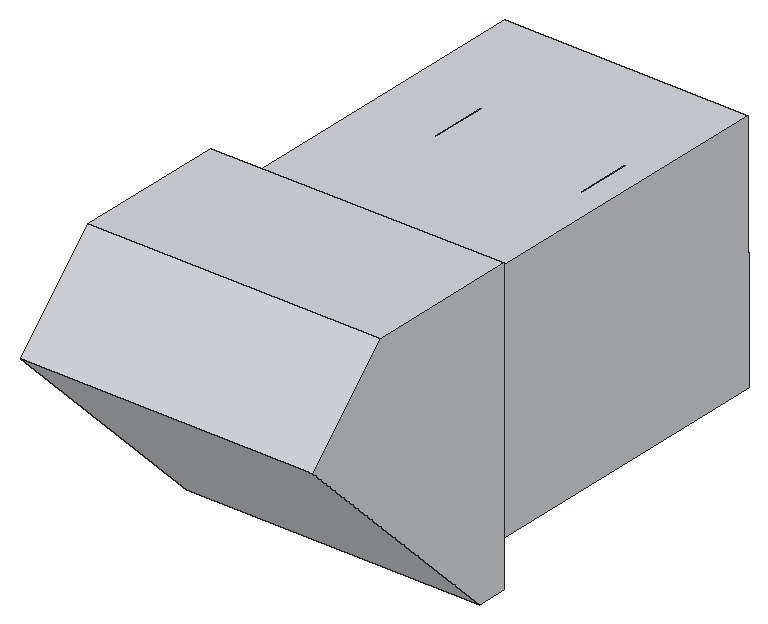
Revit family "XLPH", category Mechanical Equipment, Revit 2019
Family settings
  Round Connector Dimension = Use Diameter
  Part Type = Normal
  Work Plane-Based = No
  Always vertical = Yes
  Cut with Voids When Loaded = No
  Shared = No
  Room Calculation Point = No
Parameters (values of type "20_XLPH")
  WO_PAC = B_PAC + 0' 0 1/4"  # 2' - 1 1/4"
  WH_C = WH_B + 0' 3"  # 2' - 9"
  WH_B/2 = WH_B / 2  # 1' - 3"
  WH_B = 2' - 6"
  WH_A = 2' - 0 3/8"
  WEATHER_HOOD [instance] = yes
  Unit Weight [instance] = ""
  Sones [instance] = ""
  SIZE/2 = SIZE / 2  # 0' - 11 15/16"
  SIZE = D - 0' 0 1/8"  # 1' - 11 7/8"
  Motor RPM [instance] = ""
  Motor Enclosure [instance] = ""
  ModelID [instance] = ""
  MOTOR = D / 10  # 0' - 2.4"
  LwA [instance] = ""
  Fan RPM [instance] = ""
  D_PAC/2 = D_PAC / 2 - 0' 4"  # 1' - 1 3/16"
  D_PAC = 2' - 10 3/8"
  D/2 = D / 2  # 1' - 0"
  D = 2' - 0"
  E/2 = E / 2  # 0' - 1"
  E = 0' - 2"
  C_PAC/2 = C_PAC / 2  # 0' - 11"
  C_PAC = 1' - 10"
  C/2 = C / 2  # 0' - 2 5/8"
  C = 0' - 5 1/4"
  B_PAC/2 = B_PAC / 2  # 1' - 0 1/2"
  B_PAC = 2' - 1"
  B/4 = B / 4  # 0' - 4 49/64"
  B/2 = B / 2  # 0' - 9 17/32"
  B = 1' - 7 1/16"
  Accessories [instance] = ""
  A_PAC/2 = A_PAC / 2  # 1' - 1 3/4"
  A_PAC = 2' - 3 1/2"
  A/7 = A / 7  # 0' - 3.45536"
  A/3.5 = A / 3.5  # 0' - 6.91071"
  A/2 = A / 2  # 1' - 0 3/32"
  A = 2' - 0 3/16"
  90 = 90.00°  # constant formula
  9" = 0' - 9"  # constant formula
  4'6" = 4' - 6"  # constant formula
  3" = 0' - 3"  # constant formula
  Brake Hp [instance] = ""
  4" = 0' - 4"  # constant formula
  2' = 2' - 0"
  2" = 0' - 2"  # constant formula
  135 = 135.00°  # constant formula
  1" = 0' - 1"  # constant formula
  0 = 0' - 0"  # constant formula
  Voltage [instance] = 0 V
  URL = "www.lorencook.com"
  Type Comments = "Heavy Duty Low-Pressure Wall-Pac Exhaust Fan Steel Propeller Belt Drive"  # constant formula
  Static Pressure [instance] = 0.00 in-wg
  Power [instance] = Voltage * Motor FLA * sqrt(if(Phase = 3, 3, 1))  # 0 VA
  Phase [instance] = 0
  Number of Poles [instance] = 1
  Motor Hp [instance] = "0"
  Motor FLA [instance] = 0 A
  Model = "XLPH"  # constant formula
  Manufacturer = "Loren Cook Company"
  CFM [instance] = 0 CFM
  1.5 = 0' - 1 1/2"  # constant formula
  1/2 = 0' - 0 1/2"  # constant formula
  ONE EIGTH = 0' - 0 1/8"  # constant formula
  -WH_B/2 = -WH_B / 2  # -1' - 3"
  -D_PAC/2 = -D_PAC / 2 - 0' 4"  # -1' - 9 3/16"
  -D = -E  # -0' - 2"
  -C/2 = -C / 2  # -0' - 2 5/8"
  -B+1" = -B + 0' 2"  # -1' - 5 1/16"
  -B = -B  # -1' - 7 1/16"
  -((SIZE/2)-.25") = -((SIZE / 2) - 0' 0 1/4")  # -0' - 11 11/16"
  -((A/2)-C-.5") = -((A / 2) - C - 0' 0 1/2")  # -0' - 6 11/32"
  (SIZE/2)-.25" = (SIZE / 2) - 0' 0 1/4"  # 0' - 11 11/16"
  (D_SUP/2)-(C/2)-.125" = (D / 2) - (C / 2) - 0' 0 1/8"  # 0' - 9 1/4"
  (A/2)-C-.5" = (A / 2) - C - 0' 0 1/2"  # 0' - 6 11/32"
  (A/2)-1" = (A / 2) - 0' 0 1/4"  # 0' - 11 27/32"
Types (9): name | WO_PAC | WH_C | WH_B/2 | WH_B | WH_A | SIZE/2 | SIZE | MOTOR | D_PAC/2 | D_PAC | D/2 | D | E/2 | E | C_PAC/2 | C_PAC | C/2 | C | B_PAC/2 | B_PAC | B/4 | B/2 | B | A_PAC/2 | A_PAC | A/7 | A/3.5 | A/2 | A | -WH_B/2 | -D_PAC/2 | -D | -C/2 | -B+1" | -B | -((SIZE/2)-.25") | -((A/2)-C-.5") | (SIZE/2)-.25" | (D_SUP/2)-(C/2)-.125" | (A/2)-C-.5" | (A/2)-1"
  (no name) | 2' - 1 1/4" | 2' - 9" | 1' - 3" | 2' - 6" | 2' - 0 3/8" | 0' - 11 15/16" | 1' - 11 7/8" | 0' - 2.4" | 1' - 1 3/16" | 2' - 10 3/8" | 1' - 0" | 2' - 0" | 0' - 1" | 0' - 2" | 0' - 11" | 1' - 10" | 0' - 2 5/8" | 0' - 5 1/4" | 1' - 0 1/2" | 2' - 1" | 0' - 4 49/64" | 0' - 9 17/32" | 1' - 7 1/16" | 1' - 1 3/4" | 2' - 3 1/2" | 0' - 3.45536" | 0' - 6.91071" | 1' - 0 3/32" | 2' - 0 3/16" | -1' - 3" | -1' - 9 3/16" | -0' - 2" | -0' - 2 5/8" | -1' - 5 1/16" | -1' - 7 1/16" | -0' - 11 11/16" | -0' - 6 11/32" | 0' - 11 11/16" | 0' - 9 1/4" | 0' - 6 11/32" | 0' - 11 27/32"
  24_XLPH | 2' - 7 1/4" | 3' - 1" | 1' - 5" | 2' - 10" | 2' - 3 1/8" | 1' - 2 15/16" | 2' - 5 7/8" | 0' - 3" | 1' - 1 3/16" | 2' - 10 3/8" | 1' - 3" | 2' - 6" | 0' - 1 1/2" | 0' - 3" | 1' - 1 3/4" | 2' - 3 1/2" | 0' - 3 3/8" | 0' - 6 3/4" | 1' - 3 1/2" | 2' - 7" | 0' - 4 49/64" | 0' - 9 17/32" | 1' - 7 1/16" | 1' - 4 3/4" | 2' - 9 1/2" | 0' - 4 5/16" | 0' - 8 5/8" | 1' - 3 3/32" | 2' - 6 3/16" | -1' - 5" | -1' - 9 3/16" | -0' - 3" | -0' - 3 3/8" | -1' - 5 1/16" | -1' - 7 1/16" | -1' - 2 11/16" | -0' - 7 27/32" | 1' - 2 11/16" | 0' - 11 1/2" | 0' - 7 27/32" | 1' - 2 27/32"
  30_XLPH | 3' - 1 1/4" | 3' - 7" | 1' - 8" | 3' - 4" | 2' - 7 7/16" | 1' - 5 15/16" | 2' - 11 7/8" | 0' - 3.6" | 1' - 3" | 3' - 2" | 1' - 6" | 3' - 0" | 0' - 1 1/2" | 0' - 3" | 1' - 4 3/4" | 2' - 9 1/2" | 0' - 3 3/8" | 0' - 6 3/4" | 1' - 6 1/2" | 3' - 1" | 0' - 4 49/64" | 0' - 9 17/32" | 1' - 7 1/16" | 1' - 7 3/4" | 3' - 3 1/2" | 0' - 5.16964" | 0' - 10.33929" | 1' - 6 3/32" | 3' - 0 3/16" | -1' - 8" | -1' - 11" | -0' - 3" | -0' - 3 3/8" | -1' - 5 1/16" | -1' - 7 1/16" | -1' - 5 11/16" | -0' - 10 27/32" | 1' - 5 11/16" | 1' - 2 1/2" | 0' - 10 27/32" | 1' - 5 27/32"
  36_XLPH | 3' - 7 1/4" | 4' - 1" | 1' - 11" | 3' - 10" | 2' - 11 11/16" | 1' - 8 15/16" | 3' - 5 7/8" | 0' - 4.2" | 1' - 3 3/4" | 3' - 3 1/2" | 1' - 9" | 3' - 6" | 0' - 1 1/2" | 0' - 3" | 1' - 7 3/4" | 3' - 3 1/2" | 0' - 3 11/16" | 0' - 7 3/8" | 1' - 9 1/2" | 3' - 7" | 0' - 4 49/64" | 0' - 9 17/32" | 1' - 7 1/16" | 1' - 10 3/4" | 3' - 9 1/2" | 0' - 6.02679" | 1' - 0.05357" | 1' - 9 3/32" | 3' - 6 3/16" | -1' - 11" | -1' - 11 3/4" | -0' - 3" | -0' - 3 11/16" | -1' - 5 1/16" | -1' - 7 1/16" | -1' - 8 11/16" | -1' - 1 7/32" | 1' - 8 11/16" | 1' - 5 3/16" | 1' - 1 7/32" | 1' - 8 27/32"
  42_XLPH | 4' - 1 5/16" | 4' - 7" | 2' - 2" | 4' - 4" | 3' - 3 15/16" | 1' - 11 15/16" | 3' - 11 7/8" | 0' - 4.8" | 1' - 4 1/2" | 3' - 5" | 2' - 0" | 4' - 0" | 0' - 1 1/2" | 0' - 3" | 1' - 10 3/4" | 3' - 9 1/2" | 0' - 3 25/32" | 0' - 7 9/16" | 2' - 0 17/32" | 4' - 1 1/16" | 0' - 5 11/64" | 0' - 10 11/32" | 1' - 8 11/16" | 2' - 1 3/4" | 4' - 3 1/2" | 0' - 6.88393" | 1' - 1.76786" | 2' - 0 3/32" | 4' - 0 3/16" | -2' - 2" | -2' - 0 1/2" | -0' - 3" | -0' - 3 25/32" | -1' - 6 11/16" | -1' - 8 11/16" | -1' - 11 11/16" | -1' - 4 1/32" | 1' - 11 11/16" | 1' - 8 3/32" | 1' - 4 1/32" | 1' - 11 27/32"
  48_XLPH | 4' - 7 5/16" | 5' - 1" | 2' - 5" | 4' - 10" | 3' - 8 3/16" | 2' - 2 15/16" | 4' - 5 7/8" | 0' - 5.4" | 1' - 9 1/2" | 4' - 3" | 2' - 3" | 4' - 6" | 0' - 1 1/2" | 0' - 3" | 2' - 1 3/4" | 4' - 3 1/2" | 0' - 3 15/16" | 0' - 7 7/8" | 2' - 3 17/32" | 4' - 7 1/16" | 0' - 6 37/64" | 1' - 1 5/32" | 2' - 2 5/16" | 2' - 4 3/4" | 4' - 9 1/2" | 0' - 7.74107" | 1' - 3.48214" | 2' - 3 3/32" | 4' - 6 3/16" | -2' - 5" | -2' - 5 1/2" | -0' - 3" | -0' - 3 15/16" | -2' - 0 5/16" | -2' - 2 5/16" | -2' - 2 11/16" | -1' - 6 23/32" | 2' - 2 11/16" | 1' - 10 15/16" | 1' - 6 23/32" | 2' - 2 27/32"
  54_XLPH | 5' - 1 3/8" | 5' - 7" | 2' - 8" | 5' - 4" | 4' - 0 7/16" | 2' - 5 15/16" | 4' - 11 7/8" | 0' - 6" | 1' - 8" | 4' - 0" | 2' - 6" | 5' - 0" | 0' - 1 1/2" | 0' - 3" | 2' - 4 3/4" | 4' - 9 1/2" | 0' - 3 7/8" | 0' - 7 3/4" | 2' - 6 9/16" | 5' - 1 1/8" | 0' - 6 37/64" | 1' - 1 5/32" | 2' - 2 5/16" | 2' - 7 3/4" | 5' - 3 1/2" | 0' - 8.59821" | 1' - 5.19643" | 2' - 6 3/32" | 5' - 0 3/16" | -2' - 8" | -2' - 4" | -0' - 3" | -0' - 3 7/8" | -2' - 0 5/16" | -2' - 2 5/16" | -2' - 5 11/16" | -1' - 9 27/32" | 2' - 5 11/16" | 2' - 2" | 1' - 9 27/32" | 2' - 5 27/32"
  60_XLPH | 5' - 7 3/8" | 6' - 1" | 2' - 11" | 5' - 10" | 4' - 4 5/8" | 2' - 8 15/16" | 5' - 5 7/8" | 0' - 6.6" | 1' - 8" | 4' - 0" | 2' - 9" | 5' - 6" | 0' - 1 1/2" | 0' - 3" | 2' - 7 3/4" | 5' - 3 1/2" | 0' - 3 15/16" | 0' - 7 7/8" | 2' - 9 9/16" | 5' - 7 1/8" | 0' - 6 37/64" | 1' - 1 5/32" | 2' - 2 5/16" | 2' - 10 3/4" | 5' - 9 1/2" | 0' - 9.45536" | 1' - 6.91071" | 2' - 9 3/32" | 5' - 6 3/16" | -2' - 11" | -2' - 4" | -0' - 3" | -0' - 3 15/16" | -2' - 0 5/16" | -2' - 2 5/16" | -2' - 8 11/16" | -2' - 0 23/32" | 2' - 8 11/16" | 2' - 4 15/16" | 2' - 0 23/32" | 2' - 8 27/32"
  20_XLPH | 2' - 1 1/4" | 2' - 9" | 1' - 3" | 2' - 6" | 2' - 0 3/8" | 0' - 11 15/16" | 1' - 11 7/8" | 0' - 2.4" | 1' - 1 3/16" | 2' - 10 3/8" | 1' - 0" | 2' - 0" | 0' - 1" | 0' - 2" | 0' - 11" | 1' - 10" | 0' - 2 5/8" | 0' - 5 1/4" | 1' - 0 1/2" | 2' - 1" | 0' - 4 49/64" | 0' - 9 17/32" | 1' - 7 1/16" | 1' - 1 3/4" | 2' - 3 1/2" | 0' - 3.45536" | 0' - 6.91071" | 1' - 0 3/32" | 2' - 0 3/16" | -1' - 3" | -1' - 9 3/16" | -0' - 2" | -0' - 2 5/8" | -1' - 5 1/16" | -1' - 7 1/16" | -0' - 11 11/16" | -0' - 6 11/32" | 0' - 11 11/16" | 0' - 9 1/4" | 0' - 6 11/32" | 0' - 11 27/32"
Reference planes (in)
  plane 1 "Center (Front/Back)": y = 0
  plane 2: z = 0
  plane 3 "Center (Left/Right)": x = 0.40541
Forms (in)
  Revolve 1, solid
    sketch origin (0.40541, 0, 0) x (0, 1, 0) y (0, 0, 1)
      loop
        line (-3.625, 2.625) -> (-3.625, 0) -> (-2.625, 0) -> (-2.625, 2.625) -> (-3.625, 2.625)
      axis (-3.625, 0) -> (-2.625, 0)
    angle from 0 to 360
  Extrusion 2, solid
    sketch origin (0.40541, 0, 0) x (0, 1, 0) y (0, 0, 1)
      loop
        line (0, -2.625) -> (-5.25, 2.625) -> (-5.33839, 2.53661) -> (-0.08839, -2.71339) -> (0, -2.625)
    from 48 to 2.625 <- "C/2"
  Extrusion 3, solid
    sketch origin (0.40541, 0, 0) x (0, 1, 0) y (-1, 0, 0)
      loop
        line (0, -2.625) -> (-5.25, 2.625) -> (-5.33839, 2.53661) -> (-0.08839, -2.71339) -> (0, -2.625)
    from 48 to 2.625 <- "C/2"
  Extrusion 4, solid
    sketch origin (0.40541, 0, 0) x (0, 1, 0) y (0, 0, -1)
      loop
        line (0, -2.625) -> (-5.25, 2.625) -> (-5.33839, 2.53661) -> (-0.08839, -2.71339) -> (0, -2.625)
    from 48 to 2.625 <- "C/2"
  Extrusion 5, solid
    sketch origin (0.40541, 0, 0) x (1, 0, 0) y (0, 1, 0)
      loop
        line (-2.625, 0) -> (-2.71339, -0.08839) -> (2.53661, -5.33839) -> (2.625, -5.25) -> (-2.625, 0)
    from -48 to -2.625 <- "-C/2"
  Extrusion 6, void
    sketch origin (0, 0, 0) x (1, 0, 0) y (0, 0, 1)
      loop
        circle (0.40541, 0) r 9.25
      loop
        circle (0.40541, 0) r 54
    from 0 to 10
  Extrusion 7, solid
    sketch origin (0, 0, 0) x (1, 0, 0) y (0, 0, 1)
      loop
        line (-11.68834, 12.09375) -> (-11.68834, -12.09375) -> (12.49916, -12.09375) -> (12.49916, 12.09375) -> (-11.68834, 12.09375)
      loop
        circle (0.40541, 0) r 12
    from 0 to -0.125
  Extrusion 8, solid
    sketch origin (0, 0, 0) x (1, 0, 0) y (0, 0, 1)
      loop
        line (-11.68834, 12.09375) -> (-11.68834, -12.09375) -> (12.49916, -12.09375) -> (12.49916, 12.09375) -> (-11.68834, 12.09375)
      loop
        line (12.37416, -11.96875) -> (12.37416, 11.96875) -> (-11.56334, 11.96875) -> (-11.56334, -11.96875) -> (12.37416, -11.96875)
    from 0 to -2 <- "-D"
  Extrusion 9, solid
    sketch origin (0, 0, 0) x (1, 0, 0) y (0, 0, 1)
      loop
        circle (0.40541, 0) r 1
    from 2 to -19.0625 <- "-B"
  Extrusion 10, solid
    sketch origin (0, 0, 0) x (1, 0, 0) y (0, 0, 1)
      loop
        line (-6.5053, -2) -> (-6.5053, -11) -> (-6.3803, -11) -> (-6.3803, -3.5) -> (7.19113, -3.5) -> (7.19113, -11) -> (7.31613, -11) -> (7.31613, -2) -> (-6.5053, -2)
    from 0 to -17.0625 <- "-B+1""
  Sweep 11, solid
    path origin (0.40541, 0, 0) x (0, 1, 0) y (0, 0, 1)
      loop
        line (0.125, 10.96875) -> (11.29687, 10.96875)
        arc (11.29687, 10.96875) -> (14.66668, 9.57293) -> (16.0625, 6.20312) r 4.76563
        line (16.0625, 6.20312) -> (16.0625, -6.20312)
        arc (16.0625, -6.20312) -> (14.66668, -9.57293) -> (11.29687, -10.96875) r 4.76563
        line (11.29687, -10.96875) -> (0.125, -10.96875)
    profile origin (0.40541, 5.71094, 10.96875) x (0, 0, 1) y (1, 0, 0)
      loop
        circle (0, -7.41071) r 0.5
      loop
        circle (0, 7.41071) r 0.5
  Revolve 12, solid
    sketch origin (0.40541, 0, 0) x (0, 1, 0) y (0, 0, 1)
      loop
        arc (-0.125, 12) -> (-2.75, 9.375) -> (-5.375, 12) r 2.625
        line (-5.375, 12) -> (-5.5, 12)
        arc (-5.5, 12) -> (-2.75, 9.25) -> (0, 12) r 2.75
        line (0, 12) -> (-0.125, 12)
      axis (-5.5, 0) -> (0, 0)
    angle from 0 to 360
  Extrusion 13, solid
    sketch origin (0, 17.0625, 0) x (-1, 0, 0) y (0, 0, 1)
      loop
        circle (-0.40541, -5.9) r 2.4
    from 0 to -17.0625 <- "-B+1""
  Extrusion 14, solid
    sketch origin (0, 19.0625, 0) x (-1, 0, 0) y (0, 0, 1)
      loop
        circle (-0.40541, -5.9) r 1
    from 0 to -2
  Extrusion 15, solid
    sketch origin (0, 17.0625, 0) x (-1, 0, 0) y (0, 0, 1)
      loop
        line (-3.40541, -0.5) -> (-3.40541, -2) -> (2.59459, -2) -> (2.59459, -0.5) -> (1.53108, -0.5)
        arc (1.53108, -0.5) -> (-0.40541, 2) -> (-2.3419, -0.5) r 2
        line (-2.3419, -0.5) -> (-3.40541, -0.5)
    from -2.5 to -1
  Extrusion 16, solid
    sketch origin (0, 0, 0) x (1, 0, 0) y (0, 0, 1)
      loop
        arc (2.3419, -0.5) -> (0.40541, 2) -> (-1.53108, -0.5) r 2
        line (-1.53108, -0.5) -> (-2.59459, -0.5) -> (-2.59459, -2) -> (3.40541, -2) -> (3.40541, -0.5) -> (2.3419, -0.5)
    from -2.5 to -1
  Extrusion 17, solid
    sketch origin (0, 0, 0) x (1, 0, 0) y (0, 0, 1)
      loop
        line (-11.96959, 12.375) -> (-11.96959, -12.375) -> (12.78041, -12.375) -> (12.78041, 12.375) -> (-11.96959, 12.375)
      loop
        line (12.90541, -12.5) -> (12.90541, 12.5) -> (-12.09459, 12.5) -> (-12.09459, -12.5) -> (12.90541, -12.5)
    from -21.1875 <- "-D_PAC/2" to 13.1875 <- "D_PAC/2"
  Extrusion 18, solid
    sketch origin (0, -13.1875, 0) x (1, 0, 0) y (0, 0, 1)
      loop
        line (-13.34459, 13.75) -> (-13.34459, -13.75) -> (14.15541, -13.75) -> (14.15541, 13.75) -> (-13.34459, 13.75)
      loop
        line (11.40541, -11) -> (11.40541, 11) -> (-10.59459, 11) -> (-10.59459, -11) -> (11.40541, -11)
    from 0 to 0.125
  Extrusion 19, solid
    sketch origin (0, -13.3125, 0) x (1, 0, 0) y (0, 0, 1)
      loop
        line (-8.59459, 9) -> (-8.59459, -9) -> (9.40541, -9) -> (9.40541, 9) -> (-8.59459, 9)
      loop
        line (11.40541, -11) -> (11.40541, 11) -> (-10.59459, 11) -> (-10.59459, -11) -> (11.40541, -11)
    from 0 to 2
  Extrusion 20, solid, visible <- "WEATHER_HOOD"
    sketch origin (0.40541, 0, 0) x (0, 1, 0) y (0, 0, 1)
      loop
        line (-13.3125, 15) -> (-29.0625, 15) -> (-37.6875, 6.375) -> (-16.3125, -15) -> (-13.3125, -15) -> (-13.3125, 15)
    from 15 <- "WH_B/2" to -15 <- "-WH_B/2"
Cuts and joins
  Extrusion 6 cuts Revolve 1
  Extrusion 6 cuts Extrusion 2
  Extrusion 6 cuts Extrusion 3
  Extrusion 6 cuts Extrusion 4
  Extrusion 6 cuts Extrusion 5
Dimensions and locks (in)
  "0": Revolve 1 sketch curve to level  (x2)
  "C/2": Revolve 1 sketch curve to level
  "C/2": plane 1 "Center (Front/Back)" to Revolve 1 sketch curve
  "1"": Revolve 1 sketch curve to Revolve 1 sketch curve
  "0": Extrusion 2 sketch curve to plane 1 "Center (Front/Back)"
  "C": plane 1 "Center (Front/Back)" to Extrusion 2 sketch curve
  "C/2": Extrusion 2 sketch curve to level
  "C/2": level to Extrusion 2 sketch curve
  "ONE EIGTH": Extrusion 2 sketch curve to Extrusion 2 sketch curve
  "ONE EIGTH": Extrusion 3 sketch curve to Extrusion 3 sketch curve
  "ONE EIGTH": Extrusion 4 sketch curve to Extrusion 4 sketch curve
  "ONE EIGTH": Extrusion 5 sketch curve to Extrusion 5 sketch curve
  Extrusion 6 sketch curve to plane 3 "Center (Left/Right)" = 0' - 0"  (x2)
  level to Extrusion 6 sketch curve = 0' - 0"
  Extrusion 6 sketch curve to level = 0' - 0"
  "0": Extrusion 3 sketch curve to plane 1 "Center (Front/Back)"
  "C": Extrusion 3 sketch curve to plane 1 "Center (Front/Back)"
  "C/2": plane 3 "Center (Left/Right)" to Extrusion 3 sketch curve
  "C/2": Extrusion 3 sketch curve to plane 3 "Center (Left/Right)"
  "C": plane 1 "Center (Front/Back)" to Extrusion 4 sketch curve
  "0": Extrusion 4 sketch curve to plane 1 "Center (Front/Back)"
  "C/2": level to Extrusion 4 sketch curve
  "C/2": Extrusion 4 sketch curve to level
  "0": Extrusion 5 sketch curve to plane 1 "Center (Front/Back)"
  "C": Extrusion 5 sketch curve to plane 1 "Center (Front/Back)"
  "C/2": plane 3 "Center (Left/Right)" to Extrusion 5 sketch curve
  "C/2": Extrusion 5 sketch curve to plane 3 "Center (Left/Right)"
  "A/2": plane 3 "Center (Left/Right)" to Extrusion 7 sketch curve
  "A/2": Extrusion 7 sketch curve to plane 3 "Center (Left/Right)"
  "A/2": Extrusion 7 sketch curve to level
  "A/2": level to Extrusion 7 sketch curve
  "0": Extrusion 7 sketch curve to level
  "0": Extrusion 7 sketch curve to plane 3 "Center (Left/Right)"
  "ONE EIGTH": Extrusion 8 sketch curve to Extrusion 8 sketch curve  (x4)
  "A/2": plane 3 "Center (Left/Right)" to Extrusion 8 sketch curve  (x2)
  "A/2": level to Extrusion 8 sketch curve
  "A/2": Extrusion 8 sketch curve to level
  "0": Extrusion 9 sketch curve to level
  "0": Extrusion 9 sketch curve to plane 3 "Center (Left/Right)"
  "2"": level to Extrusion 10 sketch curve
  "9"": Extrusion 10 sketch curve to Extrusion 10 sketch curve  (x2)
  "A/3.5": Extrusion 10 sketch curve to plane 3 "Center (Left/Right)"
  "A/3.5": plane 3 "Center (Left/Right)" to Extrusion 10 sketch curve
  "ONE EIGTH": Sweep 11 sketch curve to plane 1 "Center (Front/Back)"  (x2)
  "1"": Extrusion 8 to Sweep 11 sketch curve  (x2)
  "0": Sweep 11 sketch curve to profile plane  (x2)
  "1/2": Sweep 11 sketch curve to Extrusion 10  (x2)
  "0": Revolve 12 sketch curve to level
  "D/2": Revolve 12 sketch curve to level  (x2)
  "C": Revolve 12 sketch curve to Revolve 12 sketch curve
  "ONE EIGTH": plane 1 "Center (Front/Back)" to Revolve 12 sketch curve
  "ONE EIGTH": Revolve 12 sketch curve to Revolve 12 sketch curve  (x2)
  "0": Revolve 12 sketch curve to Revolve 12 sketch curve
  "ONE EIGTH": Extrusion 10 sketch curve to Extrusion 10 sketch curve  (x2)
  "1.5": Extrusion 10 sketch curve to Extrusion 10 sketch curve
  "1"": Extrusion 10 to Sweep 11 sketch curve
  "0": Extrusion 13 sketch curve to plane 3 "Center (Left/Right)"
  "MOTOR": Extrusion 13 sketch curve to Extrusion 10
  "0": Extrusion 14 sketch curve to plane 3 "Center (Left/Right)"
  "MOTOR": Extrusion 14 sketch curve to Extrusion 10
  "0": Extrusion 10 to Extrusion 15 sketch curve
  "1.5": Extrusion 15 sketch curve to Extrusion 15 sketch curve
  "3"": plane 3 "Center (Left/Right)" to Extrusion 15 sketch curve  (x2)
  "0": Extrusion 15 sketch curve to plane 3 "Center (Left/Right)"
  "0": level to Extrusion 15 sketch curve
  "0": Extrusion 16 sketch curve to plane 3 "Center (Left/Right)"
  "0": Extrusion 16 sketch curve to level
  "0": Extrusion 10 to Extrusion 16 sketch curve
  "1.5": Extrusion 10 to Extrusion 16 sketch curve
  "3"": plane 3 "Center (Left/Right)" to Extrusion 16 sketch curve  (x2)
  "ONE EIGTH": Extrusion 17 sketch curve to Extrusion 17 sketch curve  (x4)
  "B_PAC/2": plane 3 "Center (Left/Right)" to Extrusion 17 sketch curve
  "B_PAC/2": Extrusion 17 sketch curve to plane 3 "Center (Left/Right)"
  "B_PAC/2": Extrusion 17 sketch curve to level
  "B_PAC/2": level to Extrusion 17 sketch curve
  "A_PAC/2": plane 3 "Center (Left/Right)" to Extrusion 18 sketch curve
  "A_PAC/2": Extrusion 18 sketch curve to plane 3 "Center (Left/Right)"
  "A_PAC/2": Extrusion 18 sketch curve to level
  "A_PAC/2": level to Extrusion 18 sketch curve
  "C_PAC/2": level to Extrusion 18 sketch curve
  "C_PAC/2": Extrusion 18 sketch curve to level
  "C_PAC/2": plane 3 "Center (Left/Right)" to Extrusion 18 sketch curve  (x2)
  "2"": Extrusion 19 sketch curve to Extrusion 19 sketch curve  (x4)
  "C_PAC/2": plane 3 "Center (Left/Right)" to Extrusion 19 sketch curve  (x2)
  "C_PAC/2": Extrusion 19 sketch curve to level
  "C_PAC/2": level to Extrusion 19 sketch curve
  "0": Extrusion 18 to Extrusion 20 sketch curve
  "WH_B/2": Extrusion 20 sketch curve to level
  "WH_B/2": level to Extrusion 20 sketch curve
  "3"": Extrusion 20 sketch curve to Extrusion 20 sketch curve
  "WH_A": Extrusion 20 sketch curve to Extrusion 20 sketch curve
  "(D_SUP/2)-(C/2)-.125"": radius of Extrusion 6 sketch curve
  "D/2": radius of Extrusion 7 sketch curve
  "1"": radius of Extrusion 9 sketch curve
  "B/4": radius of Sweep 11 sketch curve  (x2)
  "1/2": radius of Sweep 11 sketch curve  (x2)
  "MOTOR": radius of Extrusion 13 sketch curve
  "1"": radius of Extrusion 14 sketch curve
  "2"": radius of Extrusion 15 sketch curve
  "2"": radius of Extrusion 16 sketch curve
  "4'6"": radius of Extrusion 6 sketch curve
  "135": angle Extrusion 20 sketch curve to Extrusion 20 sketch curve
  "90": angle Extrusion 20 sketch curve to Extrusion 20 sketch curve
Automatic sketch dimensions
  Revolve 1 sketch curve to plane 1 "Center (Front/Back)" = 0' - 0"
  Revolve 1 sketch curve to Revolve 1 sketch curve = 2' - 2"
  plane 1 "Center (Front/Back)" to Revolve 12 sketch curve = 0' - 3 1/4"
  Revolve 12 sketch curve to Revolve 12 sketch curve = 0' - 1.44822"
  Extrusion 15 sketch curve to Extrusion 15 sketch curve = 0' - 1.06351"
  Extrusion 16 sketch curve to Extrusion 16 sketch curve = 0' - 1.06351"
  Extrusion 16 sketch curve to Extrusion 16 sketch curve = 0' - 0"  (x2)
Connectors (in)
  electrical at (0.40541, 0, -5.9)
    settings: on Extrusion 13, index 2, voltage 0 V, apparent load 0 VA, apparent load phase1 0 VA, apparent load phase2 0 VA, apparent load phase3 0 VA, power factor 1, load classification "Other", number of poles 1, system type 30, power factor state 1, is connector primary yes, connector utility no, sub classification motor no, connector description ""
  hvac at (0.40541, -15.3125, 0), driven by "CFM", driven by "WO_PAC", driven by "WO_PAC"
    settings: on Extrusion 19, index 3, duct flow 0 CFM, flow factor 0, pres drop 0.00 in-wg, loss coef 0, conn angle 0.00°, conn width 25 1/4", conn height 25 1/4", conn diameter 24", duct sys type 3, conn prof type 1, flow config 0, flow direction 2, loss method 0, conn ref index -1, conn util no, is conn primary yes, conn desc ""
  hvac at (0.40541, 21.1875, 0), driven by "CFM", driven by "WO_PAC", driven by "WO_PAC"
    settings: on Extrusion 17, index 4, duct flow 0 CFM, flow factor 0, pres drop 0.00 in-wg, loss coef 0, conn angle 0.00°, conn width 25 1/4", conn height 25 1/4", conn diameter 24", duct sys type 3, conn prof type 1, flow config 0, flow direction 1, loss method 0, conn ref index -1, conn util no, is conn primary no, conn desc ""
